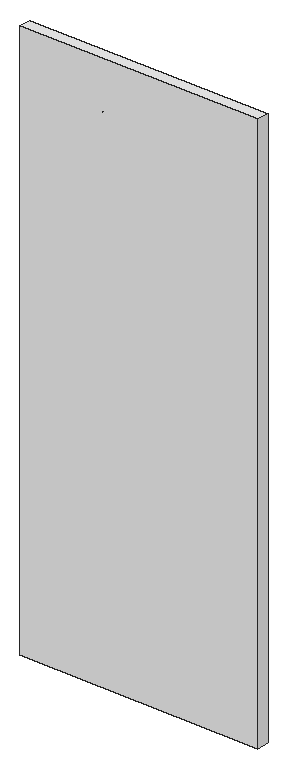
Revit family "kawneer-flushline_avl-sgl_20637", category Doors, Revit 2015
Parameters
  Width = 0.00 mm
  Water - Static (ASTM E 331) = "product not tested"
  URL = "http://www.kawneer.com/kawneer/north_america/en/product.asp?prod_id=1820"
  Type of Glazing = "monolithic, insulating"
  Type Comments = "Foam-filled with Aluminum or FRP Face Sheets"
  Thickness = 0.00 mm
  Thermal Transmittance = "< 0.28 BTU/hr/sf/F"
  Sub Category3 = ""
  Sub Category2 = ""
  Sub Category1 = ""
  Sightline = 0.00 mm
  Short Description = "Foam-filled with Aluminum or FRP Face Sheets"
  Product data url = "https://bimobject.com/kawneerna/product/20635"
  Panel Inserts Material = none
  Overall U-Factor = "product not tested"
  Model = "Flushline®"
  Manufacturer Part Number = "Flushline®"
  Manufacturer = "Kawneer"
  Keywords = "Entrance, Door, Swing Door, FRP Skin Door, Aluminum Skin Door, Foam-filled Door"
  Hurricane Resistant Tested = "product not tested"
  Hinging Types = "Offset Pivot, Butt Hinge, Continuous Gear Hinge"
  Height [instance] = 2133.60 mm
  Glazing Thickness = 0.00 mm
  Glass U-Factor = "product not tested"
  Glass Installtion = "cut outs for vision area, inside or outside"
  Glass Capture = "Captured"
  Function (Interior or Exterior) = "Exterior, Interior"
  Function = Interior
  Door Panel Width = 0.00 mm
  Door Panel Material = none
  Door Panel Height = 0.00 mm
  Door Opening = 0.00 mm
  Door Handle Material = none
  Door Corner Construction = "Welded"
  Design Pressure = "n/a"
  Design Load = "n/a"
  Description = "The \"Flushline\" entrance is a polyurethane foam filled door with FRP or aluminum face sheets designed in various textures for interior or exterior use."
  Depth = 0.00 mm
  Color = "any"
  Cladding Type = "n/a"
  CSI Masterformat Code = "08 41 13"
  Application = "moderate traffic, high traffic, impact areas"
  Air Infiltration (ASTM E 283) = "product not tested"
  2-Color Option = "no"
Reference planes
  plane 1 "Center (Front/Back)": y = 0
  plane 2: z = 0
  plane 3 "Center (Left/Right)": x = -381.877
  plane 4: x = -831.877
  plane 5: x = 68.123
  plane 6 "Top": z = 2133.6
Text (mm)
  text "Exterior" at (-1161.5, 797.241, 0), in view "Ref. Level"
Dimensions and locks
  equal spacing: plane 4, plane 3 "Center (Left/Right)", plane 5
  "Height": plane 2 to plane 6 "Top"
  aligned and locked: plane 4 to nested 1
  aligned and locked: plane 5 to nested 1
  aligned and locked: nested 1 to plane 1 "Center (Front/Back)"
Nested families
  nested 1: "Kawneer-Flushline_AVL-Sgl" at (-419.977, 0, 0) x (-1, 0, 0) z (0, 0, 1), Height <- "Height", type "Kawneer-Flushline_AVL-Sgl"
    with Width 900.00 mm, VL Height 1955.80 mm, Height 2133.60 mm
Definition of nested family "Kawneer-Flushline_AVL-Sgl"
  Parameters
    Width [instance] = 812.80 mm
    VL Height [instance] = Height - 177.80 mm  # 1955.80 mm
    Panel Inserts Material = none
    Height [instance] = 2133.60 mm
    Door Panel Material = none
    Door Handle Width = 50.80 mm
    Door Handle Height = 841.375 mm
    Depth = 44.45 mm
  Reference planes
    plane 1 "Center (Front/Back)": y = 0
    plane 2: z = 0
    plane 3 "Center (Left/Right)": x = -38.1
    plane 4: x = -444.5
    plane 5: x = 368.3
    plane 6: y = -22.225
    plane 7: y = 22.225
    plane 8: z = 2133.6
    plane 9: z = 841.375
    plane 10: x = -393.7
    plane 11: z = 1955.8
    plane 12: x = -190.5
    plane 13: x = 114.3
    plane 14: z = 1651
  Forms (mm)
    Extrusion 1, solid, material <- "Door Panel Material"
      sketch origin (0, 0, 0) x (1, 0, 0) y (0, 0, 1)
        loop
          line (-444.5, 2133.6) -> (-444.5, 0) -> (368.3, 0) -> (368.3, 2133.6) -> (-444.5, 2133.6)
      from -22.225 to 22.225
    Extrusion 2, void
      sketch origin (0, 0, 0) x (1, 0, 0) y (0, 0, 1)
        loop
          line (-190.5, 1955.8) -> (-190.5, 1651) -> (114.3, 1651) -> (114.3, 1955.8) -> (-190.5, 1955.8)
      from 0 to 304.8
    Sweep 3, solid, material <- "Door Panel Material"
      path origin (0, 0, 0) x (1, 0, 0) y (0, 0, 1)
        loop
          line (-190.5, 1955.8) -> (-190.5, 1651) -> (114.3, 1651) -> (114.3, 1955.8) -> (-190.5, 1955.8)
      profile "EAClad : EAClad" origin (-190.5, 0, 1803.4) x (1, 0, 0) y (0, -1, 0)
        loop
          line (10.711, 3) -> (13.211, 3) -> (13.211, 8.361) -> (16.672, 4.9) -> (16, 4.228) -> (16, 3) -> (21, 3) -> (7.5, 16.9) -> (0, 16.9) -> (0, -16.9) -> (7.5, -16.9) -> (21, -3) -> (16, -3) -> (16, -4.228) -> (16.672, -4.9) -> (13.211, -8.361) -> (13.211, -3) -> (10.711, -3) -> (10.711, -10.861) -> (7.5, -14.072) -> (7.5, -11.9) -> (2.5, -11.9) -> (2.5, 11.9) -> (7.5, 11.9) -> (7.5, 14.072) -> (10.711, 10.861) -> (10.711, 3)
    Extrusion 4, solid, material <- "Panel Inserts Material"
      sketch origin (-38.1, 0, 0) x (0, 1, 0) y (0, 0, 1)
        loop
          line (3, 1945.089) -> (-3, 1945.089) -> (-3, 1661.711) -> (3, 1661.711) -> (3, 1945.089)
      from -141.689 to 141.689
  Cuts and joins
    Extrusion 2 cuts Extrusion 1
  Dimensions and locks
    equal spacing: plane 6, plane 1 "Center (Front/Back)", plane 7
    "Depth": plane 6 to plane 7
    equal spacing: plane 4, plane 3 "Center (Left/Right)", plane 5
    "Width": plane 4 to plane 5
    "Height": plane 8 to level
    "Door Handle Height": plane 9 to level
    "Door Handle Width": plane 10 to plane 4
    "VL Height": plane 11 to level
    locked: plane 11 to plane 14 at 304.8
    equal spacing: plane 13, plane 3 "Center (Left/Right)", plane 12, locked at 152.4 each
    aligned and locked: plane 4 to Extrusion 1 sketch curve
    aligned and locked: Extrusion 1 sketch curve to plane 8
    aligned and locked: plane 2 to Extrusion 1 sketch curve
    aligned and locked: Extrusion 1 sketch curve to plane 5
    aligned and locked: Extrusion 1 to plane 7
    aligned and locked: Extrusion 1 to plane 6
    aligned and locked: plane 9 to nested 1
    aligned and locked: nested 1 to plane 6
    aligned and locked: plane 10 to nested 1
    aligned and locked: plane 12 to Extrusion 2 sketch curve
    aligned and locked: Extrusion 2 sketch curve to plane 11
    aligned and locked: plane 14 to Extrusion 2 sketch curve
    aligned and locked: Extrusion 2 sketch curve to plane 13
    aligned and locked: Sweep 3 sketch curve to plane 12
    aligned and locked: Sweep 3 sketch curve to plane 11
    aligned and locked: Sweep 3 sketch curve to plane 13
    aligned and locked: Sweep 3 sketch curve to plane 14
    aligned and locked: Extrusion 4 sketch curve to Sweep 3  (x4)
    aligned and locked: Extrusion 4 to Sweep 3  (x2)
  Nested families
    nested 1: "Style CO 9 Pull" at (-431.734, -22.225, 612.775), type "Style CO 9 Pull"
  Definition of nested family "Style CO 9 Pull"
    Parameters
      Width = 30.00 mm
      Height = 228.60 mm
      Hangle Material = none
      Depth = 30.00 mm
    Reference planes
      plane 1 "Center (Front/Back)": y = 0
      plane 2: z = 0
      plane 3 "Center (Left/Right)": x = 53.034
      plane 4: y = -30
      plane 5: x = 38.034
      plane 6: x = 68.034
      plane 7: x = 46.034
      plane 8 "Top": z = 228.6
      plane 9: x = 60.034
      plane 10: z = 220.6
      plane 11: z = 8
    Forms (mm)
      Sweep 1, solid, material <- "Hangle Material"
        path origin (0, 0, 0) x (1, 0, 0) y (0, 1, 0)
          loop
            line (38.034, 0) -> (38.034, -23)
            arc (38.034, -23) -> (40.085, -27.95) -> (45.034, -30) r 7
            line (45.034, -30) -> (60.034, -30)
        profile origin (38.034, -11.5, 0) x (1, 0, 0) y (0, 0, 1)
          loop
            circle (0, 0) r 5
      Sweep 2, solid, material <- "Hangle Material"
        path origin (0, 0, 228.6) x (-1, 0, 0) y (0, -1, 0)
          loop
            line (-38.034, 0) -> (-38.034, 23)
            arc (-38.034, 23) -> (-40.085, 27.95) -> (-45.034, 30) r 7
            line (-45.034, 30) -> (-60.034, 30)
        profile origin (38.034, -11.5, 228.6) x (1, 0, 0) y (0, 0, 1)
          loop
            circle (0, 0) r 5
      Sweep 3, solid, material <- "Hangle Material"
        path origin (-1540.712, -30, 1200) x (-1, 0, 0) y (0, 0, 1)
          loop
            arc (-1600.747, -1200) -> (-1606.404, -1197.657) -> (-1608.747, -1192) r 8
            line (-1608.747, -1192) -> (-1608.747, -979.4)
            arc (-1608.747, -979.4) -> (-1606.404, -973.743) -> (-1600.747, -971.4) r 8
        profile origin (68.034, -30, 114.3) x (1, 0, 0) y (0, 1, 0)
          loop
            circle (0, 0) r 5
    Cuts and joins
      joined: Sweep 1, Sweep 2, Sweep 3
    Dimensions and locks
      "Depth": plane 4 to plane 1 "Center (Front/Back)"
      equal spacing: plane 5, plane 3 "Center (Left/Right)", plane 6
      locked: plane 5 to plane 7 at 8
      "Width": plane 5 to plane 6
      "Height": plane 8 "Top" to level
      locked: plane 9 to plane 6 at 8
      locked: level to plane 11 at 8
      locked: plane 10 to plane 8 "Top" at 8
      aligned and locked: Sweep 1 sketch curve to plane 5
      aligned and locked: Sweep 1 sketch curve to plane 4
      aligned and locked: plane 1 "Center (Front/Back)" to Sweep 1 sketch curve
      aligned and locked: plane 9 to Sweep 1 sketch curve
      aligned and locked: Sweep 2 sketch curve to plane 5
      aligned and locked: Sweep 2 sketch curve to plane 4
      aligned and locked: plane 1 "Center (Front/Back)" to Sweep 2 sketch curve
      aligned and locked: plane 9 to Sweep 2 sketch curve
      aligned and locked: plane 6 to Sweep 3 sketch curve  (x2)
      aligned and locked: plane 10 to Sweep 3 sketch curve
      aligned and locked: plane 11 to Sweep 3 sketch curve
      aligned and locked: plane 9 to Sweep 3 sketch curve  (x2)
      aligned and locked: plane 8 "Top" to Sweep 3 sketch curve
      aligned and locked: level to Sweep 3 sketch curve
      aligned and locked: plane 4 to Sweep 3 sketch curve
    Automatic sketch dimensions
      Sweep 1 sketch curve to plane 7 = 1.00 mm
      Sweep 1 sketch curve to level = 0.00 mm
      Sweep 1 sketch curve to profile plane = 0.00 mm
      Sweep 2 sketch curve to plane 7 = 1.00 mm
      Sweep 2 sketch curve to plane 8 "Top" = 0.00 mm
      Sweep 2 sketch curve to profile plane = 0.00 mm
      radius of Sweep 1 sketch curve = 5.00 mm
      radius of Sweep 2 sketch curve = 5.00 mm
      radius of Sweep 3 sketch curve = 5.00 mm
